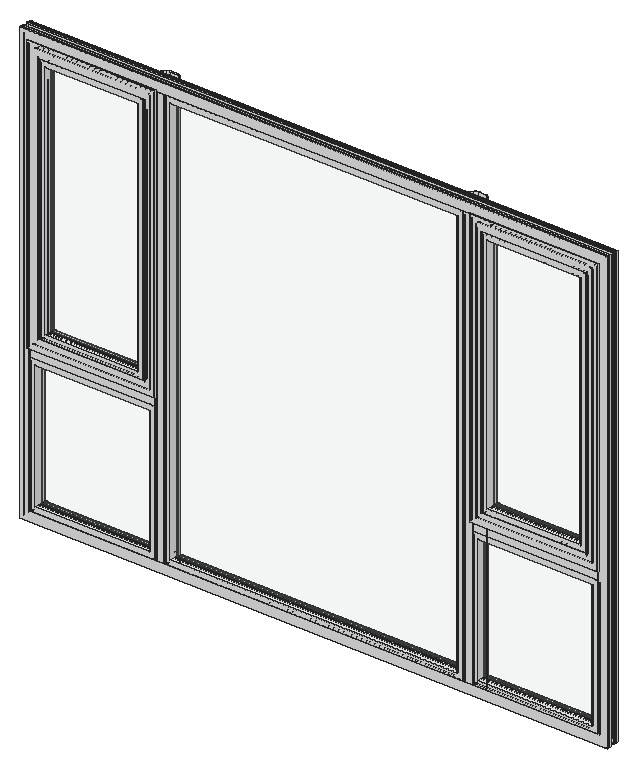
Revit family "Serene_T&T_Window_F_Standard", category Windows, host Wall, Revit 2014 (continued)
Definition of nested family "Serene_Sash_Open_In_72mm_F_Std"
  Definition of nested family "Serene_Double_Glazing_Tilt_&_Turn_F_Std"
    Dimensions and locks
      "Glazing Bead Gap": Extrusion 3 to curve 2  (x3)
      "Half Height": curve 2 to Extrusion 3
      "Glazing Bead Gap": Extrusion 3 to curve 4  (x2)
      "Half Height": curve 4 to Extrusion 3
      "Glazing Bead Gap": curve 4 to Extrusion 3
      "Glazing Bead Gap": Extrusion 3 to curve 3  (x2)
      "Glazing Bead Gap": Extrusion 3 to curve 6
      "Half Width": plane 3 "Center (Left/Right)" to curve 6
      aligned and locked: level to plane 2
      aligned and locked: Extrusion 1 sketch curve to plane 3 "Center (Left/Right)"
      aligned and locked: level to Extrusion 1 sketch curve
      aligned and locked: Extrusion 2 sketch curve to Extrusion 1  (x4)
      aligned and locked: Extrusion 3 sketch curve to Extrusion 2  (x4)
    Automatic sketch dimensions
      Extrusion 2 sketch curve to Extrusion 1 = 8 mm  (x4)
Definition of nested family "Serene_Fixed_Panel_F_Std"
  Parameters (values of type "Serene_Fixed_Panel")
    Single Glazing [instance] = yes
    SG Thickness [instance] = 4 mm
    SG Space Available [instance] = 13 mm  # constant formula
    SG Offset [instance] = (SG Space Available - SG Thickness) / 2  # 4.5 mm
    Profile Material [instance] = none
    Glazing Width [instance] = Fixed Panel Width - (2 * Glazing Edge Spacing)  # 590 mm
    Glazing Material [instance] = Glass
    Glazing Height [instance] = Fixed Panel Height - (2 * Glazing Edge Spacing)  # 890 mm
    Glazing Edge Spacing = 5 mm  # constant formula
    Fixed Panel Width [instance] = 600 mm
    Fixed Panel Height [instance] = 900 mm
    Double Glazing Gasket Material [instance] = none
    Double Glazing [instance] = yes
    DG Thickness [instance] = 4 mm
    DG Space Available [instance] = 24 mm  # constant formula
    DG Offset [instance] = (DG Space Available - (DG Thickness * 2) - DG Gasket Thickness) / 2  # 2 mm
    DG Gasket Thickness [instance] = 12 mm
  Reference planes
    plane 1 "Center (Front/Back)": y = 0
    plane 2: z = 0
    plane 3 "Center (Left/Right)": x = 0
  Dimensions and locks
    "Glazing Edge Spacing": plane 3 "Center (Left/Right)" to nested 3
    "Glazing Edge Spacing": plane 3 "Center (Left/Right)" to nested 4
    "Glazing Edge Spacing": nested 3 to plane 2
    "Glazing Edge Spacing": nested 4 to plane 2
    "SG Offset": nested 3 to nested 1
    "DG Offset": nested 4 to nested 2
    aligned and locked: level to plane 2
    aligned and locked: plane 3 "Center (Left/Right)" to nested 1
    aligned and locked: plane 1 "Center (Front/Back)" to nested 1
    aligned and locked: nested 1 to plane 2
    aligned and locked: plane 3 "Center (Left/Right)" to nested 2
    aligned and locked: plane 1 "Center (Front/Back)" to nested 2
    aligned and locked: nested 2 to plane 2
  Nested families
    nested 1: "Serene_Bead_Square_12mm" at (0, 0, 0), visible <- "Single Glazing", Profile Material <- "Profile Material", Width Bead <- "Fixed Panel Width", Height Bead <- "Fixed Panel Height", type "Serene_Bead_Square_12mm"
      with Width Bead 600 mm, Profile Material none, Height Bead 900 mm
    nested 2: "Serene_Bead_D_Glazing_Square" at (0, 0, 0), visible <- "Double Glazing", Profile Material <- "Profile Material", Width Bead <- "Fixed Panel Width", Height Bead <- "Fixed Panel Height", type "Serene_Bead_D_Glazing_Square"
      with Width Bead 600 mm, Profile Material none, Height Bead 900 mm
    nested 3: "Serene_Single_Glazing_Fixed_F_Std" at (595, 36, 5), visible <- "Single Glazing", Glazing Material <- "Glazing Material", Glazing Width <- "Glazing Width", Glazing Height <- "Glazing Height", Glazing Thickness SG <- "SG Thickness", type "Serene_Single_Glazing_Fixed_F_Std"
      with Glazing Width 590 mm, Glazing Thickness SG 4 mm, Glazing Material Glass, Glazing Height 890 mm
    nested 4: "Serene_Double_Glazing_Fixed_F_Std" at (595, 38.5, 5), visible <- "Double Glazing", Glazing Material <- "Glazing Material", Double Glazing Gasket Material <- "Double Glazing Gasket Material", Glazing Width <- "Glazing Width", Glazing Height <- "Glazing Height", Glazing Thickness DG <- "DG Thickness", Double Glazing Gasket Thickness <- "DG Gasket Thickness", type "Serene_Double_Glazing_Fixed_F_Std"
      with Glazing Width 590 mm, Glazing Thickness DG 4 mm, Glazing Material Glass, Glazing Height 890 mm, Double Glazing Gasket Thickness 12 mm, Double Glazing Gasket Material none
  Definition of nested family "Serene_Bead_Square_12mm"
    Parameters (values of type "Serene_Bead_Square_12mm")
      Profile Material [instance] = none
      Width Bead [instance] = 600 mm
      Height Bead [instance] = 900 mm
    Reference planes
      plane 1 "Center (Front/Back)": y = 0
      plane 2: z = 0
      plane 3 "Center (Left/Right)": x = 0
    Forms (mm)
      Sweep 1, solid, material <- "Profile Material"
        path origin (0, 0, 0) x (1, 0, 0) y (0, 0, 1)
          loop
            line (0, 0) -> (600, 0) -> (600, 900) -> (0, 900) -> (0, 0)
        profile origin (300, 0, 0) x (0, 0, 1) y (0, -1, 0)
          loop
            line (20.8, -26.3) -> (19.6, -26.3) -> (19.6, -27.5) -> (22, -27.5) -> (22, 0) -> (0, 0) -> (0, -1.2) -> (1.2, -1.2) -> (1.2, -4.2) -> (-1.876, -4.2) -> (-1.876, -3.293) -> (-3.909, -4.467)
            arc (-3.909, -4.467) -> (-4.142, -5.029) -> (-3.659, -5.4) r 0.5
            line (-3.659, -5.4) -> (1.4, -5.4)
            arc (1.4, -5.4) -> (2.107, -5.107) -> (2.4, -4.4) r 1
            line (2.4, -4.4) -> (2.4, -1.2) -> (20.8, -1.2) -> (20.8, -16.2) -> (-3.659, -16.2)
            arc (-3.659, -16.2) -> (-4.142, -16.571) -> (-3.909, -17.133) r 0.5
            line (-3.909, -17.133) -> (-1.876, -18.307) -> (-1.876, -17.4) -> (20.8, -17.4) -> (20.8, -23.4) -> (14.6, -23.4) -> (14.6, -27.5) -> (17, -27.5) -> (17, -26.3) -> (15.8, -26.3) -> (15.8, -24.6) -> (20.8, -24.6) -> (20.8, -26.3)
    Lines and regions (mm)
      model lines, style "GenericModel"
        curve 1: line (22, 0, 878) -> (0, 0, 900)
        curve 2: line (578, 0, 878) -> (600, 0, 900)
        curve 3: line (578, 0, 22) -> (600, 0, 0)
        curve 4: line (22, 0, 22) -> (0, 0, 0)
    Dimensions and locks
      "Width Bead": Sweep 1 sketch curve to Sweep 1 sketch curve
      "Height Bead": Sweep 1 sketch curve to Sweep 1 sketch curve
      aligned and locked: level to plane 2
    Automatic sketch dimensions
      profile plane to Sweep 1 sketch curve = 3.909 mm
      Sweep 1 sketch curve to Sweep 1 sketch curve = 0 mm  (x4)
      Sweep 1 sketch curve to Sweep 1 sketch curve = 0.25 mm  (x2)
      Sweep 1 sketch curve to Sweep 1 sketch curve = 1.783 mm  (x2)
      Sweep 1 sketch curve to Sweep 1 sketch curve = 1.876 mm
      Sweep 1 sketch curve to Sweep 1 sketch curve = 3.076 mm
      Sweep 1 sketch curve to Sweep 1 sketch curve = 0.2 mm  (x2)
      Sweep 1 sketch curve to Sweep 1 sketch curve = 1.2 mm  (x9)
      Sweep 1 sketch curve to Sweep 1 sketch curve = 16.476 mm
      Sweep 1 sketch curve to Sweep 1 sketch curve = 2.6 mm
      Sweep 1 sketch curve to plane 1 "Center (Front/Back)" = 27.5 mm
      Sweep 1 sketch curve to Sweep 1 sketch curve = 1.7 mm
      Sweep 1 sketch curve to Sweep 1 sketch curve = 5.093 mm
      Sweep 1 sketch curve to Sweep 1 sketch curve = 6 mm
      Sweep 1 sketch curve to Sweep 1 sketch curve = 0.267 mm
      Sweep 1 sketch curve to Sweep 1 sketch curve = 0.433 mm
      Sweep 1 sketch curve to Sweep 1 sketch curve = 10.8 mm
      Sweep 1 sketch curve to Sweep 1 sketch curve = 0.5 mm
      Sweep 1 sketch curve to Sweep 1 sketch curve = 0.907 mm
      Sweep 1 sketch curve to Sweep 1 sketch curve = 2.093 mm
      Sweep 1 sketch curve to Sweep 1 sketch curve = 15 mm
      curve 1 to Sweep 1 = 0 mm  (x4)
      curve 4 to Sweep 1 = 0 mm  (x3)
      Sweep 1 to curve 4 = 0 mm
      curve 3 to Sweep 1 = 0 mm  (x3)
      curve 2 to Sweep 1 = 0 mm  (x4)
      Sweep 1 to curve 3 = 0 mm
      Sweep 1 sketch curve to plane 3 "Center (Left/Right)" = 0 mm
      Sweep 1 sketch curve to level = 0 mm
  Definition of nested family "Serene_Bead_D_Glazing_Square"
    Parameters (values of type "Serene_Bead_D_Glazing_Square")
      Width Bead [instance] = 900 mm
      Profile Material [instance] = none
      Height Bead [instance] = 1320 mm
    Reference planes
      plane 1 "Center (Front/Back)": y = 0
      plane 2: z = 0
      plane 3 "Center (Left/Right)": x = 0
    Forms (mm)
      Sweep 1, solid, material <- "Profile Material"
        path origin (0, 0, 0) x (1, 0, 0) y (0, 0, 1)
          loop
            line (0, 0) -> (900, 0) -> (900, 1320) -> (0, 1320) -> (0, 0)
        profile origin (450, 0, 0) x (0, 0, 1) y (0, -1, 0)
          loop
            line (22, -16.5) -> (22, 0) -> (0, 0) -> (0, -1.2) -> (1.2, -1.2) -> (1.2, -4.2) -> (-1.876, -4.2) -> (-1.876, -3.293) -> (-3.909, -4.467)
            arc (-3.909, -4.467) -> (-4.142, -5.029) -> (-3.659, -5.4) r 0.5
            line (-3.659, -5.4) -> (1.4, -5.4)
            arc (1.4, -5.4) -> (2.107, -5.107) -> (2.4, -4.4) r 1
            line (2.4, -4.4) -> (2.4, -1.2) -> (20.8, -1.2) -> (20.8, -12.4) -> (14.6, -12.4) -> (0, -16.7) -> (-3.659, -16.7)
            arc (-3.659, -16.7) -> (-4.142, -17.071) -> (-3.909, -17.633) r 0.5
            line (-3.909, -17.633) -> (-1.876, -18.807) -> (-1.876, -17.9) -> (0.173, -17.9) -> (14.6, -13.651) -> (14.6, -16.5) -> (17, -16.5) -> (17, -15.3) -> (15.8, -15.3) -> (15.8, -13.6) -> (20.8, -13.6) -> (20.8, -15.3) -> (19.6, -15.3) -> (19.6, -16.5) -> (22, -16.5)
    Lines and regions (mm)
      model lines, style "GenericModel"
        curve 1: line (22, 0, 1298) -> (0, 0, 1298)
        curve 2: line (878, 0, 1298) -> (900, 0, 1298)
        curve 3: line (878, 0, 22) -> (900, 0, 22)
        curve 4: line (22, 0, 22) -> (0, 0, 22)
    Dimensions and locks
      "Width Bead": Sweep 1 sketch curve to Sweep 1 sketch curve
      "Height Bead": Sweep 1 sketch curve to Sweep 1 sketch curve
      aligned and locked: level to plane 2
    Automatic sketch dimensions
      profile plane to Sweep 1 sketch curve = 3.909 mm  (x2)
      Sweep 1 sketch curve to Sweep 1 sketch curve = 0.25 mm  (x2)
      Sweep 1 sketch curve to Sweep 1 sketch curve = 2.033 mm
      Sweep 1 sketch curve to Sweep 1 sketch curve = 1.783 mm
      Sweep 1 sketch curve to Sweep 1 sketch curve = 1.876 mm  (x2)
      Sweep 1 sketch curve to Sweep 1 sketch curve = 0.173 mm
      Sweep 1 sketch curve to Sweep 1 sketch curve = 1.2 mm  (x9)
      Sweep 1 sketch curve to Sweep 1 sketch curve = 0.2 mm
      Sweep 1 sketch curve to Sweep 1 sketch curve = 12.2 mm
      Sweep 1 sketch curve to Sweep 1 sketch curve = 0 mm  (x4)
      Sweep 1 sketch curve to Sweep 1 sketch curve = 2.6 mm
      Sweep 1 sketch curve to plane 1 "Center (Front/Back)" = 18.807 mm
      Sweep 1 sketch curve to Sweep 1 sketch curve = 0.907 mm  (x2)
      Sweep 1 sketch curve to Sweep 1 sketch curve = 0.267 mm
      Sweep 1 sketch curve to Sweep 1 sketch curve = 0.433 mm
      Sweep 1 sketch curve to plane 1 "Center (Front/Back)" = 16.5 mm
      Sweep 1 sketch curve to Sweep 1 sketch curve = 1.649 mm
      Sweep 1 sketch curve to Sweep 1 sketch curve = 1.7 mm
      Sweep 1 sketch curve to Sweep 1 sketch curve = 1.251 mm
      Sweep 1 sketch curve to Sweep 1 sketch curve = 11.3 mm
      Sweep 1 sketch curve to Sweep 1 sketch curve = 0.5 mm
      Sweep 1 sketch curve to Sweep 1 sketch curve = 0.7 mm
      Sweep 1 sketch curve to Sweep 1 sketch curve = 3 mm
      curve 1 to Sweep 1 = 0 mm  (x3)
      curve 4 to Sweep 1 = 0 mm  (x2)
      Sweep 1 to curve 4 = 0 mm
      curve 3 to Sweep 1 = 0 mm  (x2)
      curve 2 to Sweep 1 = 0 mm  (x2)
      Sweep 1 to curve 3 = 0 mm
      Sweep 1 to curve 2 = 0 mm
      Sweep 1 sketch curve to plane 3 "Center (Left/Right)" = 0 mm
      Sweep 1 sketch curve to level = 0 mm
  Definition of nested family "Serene_Single_Glazing_Fixed_F_Std"
    Parameters (values of type "Single_Glazing_Fixed")
      Glazing Width [instance] = 900 mm
      Glazing Height [instance] = 1500 mm
      Glazing Thickness SG [instance] = 4 mm
      Glazing Material [instance] = Glass
    Reference planes
      plane 1 "Center (Front/Back)": y = 0
      plane 2: z = 0
      plane 3 "Center (Left/Right)": x = 0
    Forms (mm)
      Extrusion 1, solid, material "Glass" <- "Glazing Material"
        sketch origin (0, 0, 0) x (1, 0, 0) y (0, 0, 1)
          loop
            line (0, 0) -> (0, 1500) -> (-900, 1500) -> (-900, 0) -> (0, 0)
        from 0 to 4 <- "Glazing Thickness SG"
    Dimensions and locks
      "Glazing Width": plane 3 "Center (Left/Right)" to Extrusion 1 sketch curve
      "Glazing Height": Extrusion 1 sketch curve to level
      aligned and locked: level to plane 2
      aligned and locked: Extrusion 1 sketch curve to plane 3 "Center (Left/Right)"
      aligned and locked: level to Extrusion 1 sketch curve
  Definition of nested family "Serene_Double_Glazing_Fixed_F_Std"
    Parameters (values of type "Double_Glazing_Fixed")
      Glazing Width [instance] = 600 mm
      Glazing Height [instance] = 600 mm
      Glazing Thickness DG [instance] = 4 mm
      Glazing Material [instance] = Glass
      Double Glazing Gasket Thickness [instance] = 12 mm
      Double Glazing Gasket Material [instance] = none
    Reference planes
      plane 1 "Center (Front/Back)": y = 0
      plane 2: z = 0
      plane 3 "Center (Left/Right)": x = 0
    Forms (mm)
      Extrusion 1, solid, material "Glass" <- "Glazing Material"
        sketch origin (0, 0, 0) x (1, 0, 0) y (0, 0, 1)
          loop
            line (0, 0) -> (0, 600) -> (-600, 600) -> (-600, 0) -> (0, 0)
        from 0 to 4 <- "Glazing Thickness DG"
      Extrusion 2, solid, material <- "Double Glazing Gasket Material"
        sketch origin (0, -4, 0) x (1, 0, 0) y (0, 0, 1)
          loop
            line (-600, 600) -> (-600, 0) -> (0, 0) -> (0, 600) -> (-600, 600)
          loop
            line (-592, 8) -> (-8, 8) -> (-8, 592) -> (-592, 592) -> (-592, 8)
        from 0 to 12 <- "Double Glazing Gasket Thickness"
      Extrusion 3, solid, material "Glass" <- "Glazing Material"
        sketch origin (0, -16, 0) x (1, 0, 0) y (0, 0, 1)
          loop
            line (-600, 600) -> (-600, 0) -> (0, 0) -> (0, 600) -> (-600, 600)
        from 0 to 4 <- "Glazing Thickness DG"
    Dimensions and locks
      "Glazing Width": plane 3 "Center (Left/Right)" to Extrusion 1 sketch curve
      "Glazing Height": Extrusion 1 sketch curve to level
      aligned and locked: level to plane 2
      aligned and locked: Extrusion 1 sketch curve to plane 3 "Center (Left/Right)"
      aligned and locked: level to Extrusion 1 sketch curve
      aligned and locked: Extrusion 2 sketch curve to Extrusion 1  (x4)
      aligned and locked: Extrusion 3 sketch curve to Extrusion 2  (x4)
    Automatic sketch dimensions
      Extrusion 2 sketch curve to Extrusion 1 = 8 mm  (x4)
Definition of nested family "Serene_Single_Glazing_Tilt_&_Turn_F_Std"
  Parameters (values of type "Single_Glazing_Tilt_&_Turn")
    Tilt [instance] = yes
    Right Hinged [instance] = yes
    Left Hinged [instance] = yes
    Half Width [instance] = Glazing Width / 2  # 450 mm
    Half Height [instance] = Glazing Height / 2  # 750 mm
    Glazing Width [instance] = 900 mm
    Glazing Height [instance] = 1500 mm
    Glazing Thickness SG [instance] = 4 mm
    Glazing Material [instance] = Glass
    Glazing Bead Gap = 21.8 mm  # constant formula
  Reference planes
    plane 1 "Center (Front/Back)": y = 0
    plane 2: z = 0
    plane 3 "Center (Left/Right)": x = 0
  Forms (mm)
    Extrusion 1, solid, material "Glass" <- "Glazing Material"
      sketch origin (0, 0, 0) x (1, 0, 0) y (0, 0, 1)
        loop
          line (0, 0) -> (0, 1500) -> (-900, 1500) -> (-900, 0) -> (0, 0)
      from 0 to 4 <- "Glazing Thickness SG"
  Lines and regions (mm)
    model lines, style "GenericModelHiddenLines", visible <- "Left Hinged"
      curve 1: line (-878.2, 0, 1478.2) -> (-21.8, 0, 750)
      curve 2: line (-21.8, 0, 750) -> (-878.2, 0, 21.8)
    model lines, style "GenericModelHiddenLines", visible <- "Right Hinged"
      curve 3: line (-21.8, 0, 1478.2) -> (-878.2, 0, 750)
      curve 4: line (-878.2, 0, 750) -> (-21.8, 0, 21.8)
    model lines, style "GenericModelHiddenLines", visible <- "Tilt"
      curve 5: line (-878.2, 0, 21.8) -> (-450, 0, 1478.2)
      curve 6: line (-450, 0, 1478.2) -> (-21.8, 0, 21.8)
  Dimensions and locks
    "Glazing Width": plane 3 "Center (Left/Right)" to Extrusion 1 sketch curve
    "Glazing Height": Extrusion 1 sketch curve to level
    "Glazing Bead Gap": curve 2 to Extrusion 1
    "Glazing Bead Gap": Extrusion 1 to curve 2  (x2)
    "Glazing Bead Gap": Extrusion 1 to curve 4  (x2)
    "Glazing Bead Gap": curve 4 to Extrusion 1
    "Glazing Bead Gap": Extrusion 1 to curve 3  (x2)
    "Glazing Bead Gap": Extrusion 1 to curve 1  (x2)
    "Half Height": curve 4 to Extrusion 1
    "Half Height": curve 2 to Extrusion 1
    "Glazing Bead Gap": Extrusion 1 to curve 6
    "Half Width": plane 3 "Center (Left/Right)" to curve 6
    aligned and locked: level to plane 2
    aligned and locked: Extrusion 1 sketch curve to plane 3 "Center (Left/Right)"
    aligned and locked: level to Extrusion 1 sketch curve
Definition of nested family "Serene_Single_Glazing_Fixed_F_Std"
  Parameters (values of type "Single_Glazing_Fixed")
    Glazing Width [instance] = 900 mm
    Glazing Height [instance] = 1500 mm
    Glazing Thickness SG [instance] = 4 mm
    Glazing Material [instance] = Glass
  Reference planes
    plane 1 "Center (Front/Back)": y = 0
    plane 2: z = 0
    plane 3 "Center (Left/Right)": x = 0
  Forms (mm)
    Extrusion 1, solid, material "Glass" <- "Glazing Material"
      sketch origin (0, 0, 0) x (1, 0, 0) y (0, 0, 1)
        loop
          line (0, 0) -> (0, 1500) -> (-900, 1500) -> (-900, 0) -> (0, 0)
      from 0 to 4 <- "Glazing Thickness SG"
  Dimensions and locks
    "Glazing Width": plane 3 "Center (Left/Right)" to Extrusion 1 sketch curve
    "Glazing Height": Extrusion 1 sketch curve to level
    aligned and locked: level to plane 2
    aligned and locked: Extrusion 1 sketch curve to plane 3 "Center (Left/Right)"
    aligned and locked: level to Extrusion 1 sketch curve
Definition of nested family "Serene_Transom_44mm_Flat_F_Std"
  Parameters (values of type "Serene_Transom_44mm_Flat")
    Profile Material [instance] = none
    Length Transom [instance] = 250 mm
    Length Cut = 22 mm  # constant formula
  Reference planes
    plane 1 "Center (Front/Back)": y = 0
    plane 2: z = 0
    plane 3 "Center (Left/Right)": x = 0
  Forms (mm)
    Extrusion 1, solid, material <- "Profile Material"
      sketch origin (0, 0, 0) x (0, 1, 0) y (0, 0, 1)
        loop
          line (15.982, 319.501) -> (57.682, 319.501) -> (57.682, 346.701) -> (15.982, 346.701) -> (15.982, 319.501)
        loop
          line (59.182, 375.101) -> (54.979, 375.101) -> (54.979, 372.601) -> (56.179, 372.601) -> (56.179, 373.801) -> (57.683, 373.801) -> (57.683, 368.601) -> (56.179, 368.601) -> (56.179, 369.801) -> (54.979, 369.801) -> (54.979, 367.301) -> (57.682, 367.301) -> (57.682, 348.101) -> (50.38, 348.101) -> (50.38, 353.101) -> (47.436, 353.101) -> (46.269, 351.601) -> (49.08, 351.601) -> (49.08, 348.101) -> (35.58, 348.101) -> (35.58, 351.601) -> (40.89, 351.601) -> (39.724, 353.101) -> (33.287, 353.101) -> (32.297, 351.101) -> (33.98, 351.101) -> (33.98, 348.101) -> (15.98, 348.101) -> (15.98, 351.101) -> (18.662, 351.101) -> (17.673, 353.101) -> (14.48, 353.101) -> (14.48, 313.1) -> (17.673, 313.1) -> (18.662, 315.1) -> (15.98, 315.1) -> (15.98, 318.1) -> (33.98, 318.1) -> (33.98, 315.1) -> (32.297, 315.1) -> (33.287, 313.1) -> (39.724, 313.1) -> (40.89, 314.6) -> (35.58, 314.6) -> (35.58, 318.1) -> (49.08, 318.1) -> (49.08, 314.6) -> (46.269, 314.6) -> (47.436, 313.1) -> (50.38, 313.1) -> (50.38, 318.1) -> (57.682, 318.1) -> (57.682, 298.901) -> (54.979, 298.901) -> (54.979, 296.401) -> (56.179, 296.401) -> (56.179, 297.601) -> (57.683, 297.601) -> (57.683, 292.401) -> (56.179, 292.401) -> (56.179, 293.601) -> (54.979, 293.601) -> (54.979, 291.101) -> (59.182, 291.101) -> (59.182, 375.101)
      from 0 to 250 <- "Length Transom"
    Extrusion 2, void
      sketch origin (250, 0, 0) x (0, -1, 0) y (0, 0, 1)
        loop
          line (-54.979, 375.101) -> (-59.182, 375.101) -> (-59.182, 291.101) -> (-54.979, 291.101) -> (-54.979, 375.101)
      from 0 to 22 <- "Length Cut"
    Extrusion 3, void
      sketch origin (0, 0, 0) x (0, 1, 0) y (0, 0, 1)
        loop
          line (59.182, 375.101) -> (54.979, 375.101) -> (54.979, 291.101) -> (59.182, 291.101) -> (59.182, 375.101)
      from 0 to 22 <- "Length Cut"
  Cuts and joins
    Extrusion 2, Extrusion 3 cuts Extrusion 1
  Dimensions and locks
    aligned and locked: level to plane 2
Definition of nested family "Serene_Mullion_73mm_Decorative_F_Std"
  Parameters (values of type "Serene_Mullion_73mm_Decorative")
    Profile Material [instance] = none
    Length Mullion [instance] = 250 mm
    Length Cut Small = 40 mm  # constant formula
    Length Cut Large = 62 mm  # constant formula
  Reference planes
    plane 1 "Center (Front/Back)": y = 0
    plane 2: z = 0
    plane 3 "Center (Left/Right)": x = 0
  Forms (mm)
    Extrusion 1, solid, material <- "Profile Material"
      sketch origin (0, 0, 0) x (1, 0, 0) y (0, 1, 0)
        loop
          line (77.052, 29.065) -> (77.052, 60.144)
          arc (77.052, 60.144) -> (74.468, 68.56) -> (67.608, 74.077) r 15
          arc (67.608, 74.077) -> (64.642, 75.915) -> (62.488, 78.661) r 10
          arc (62.488, 78.661) -> (56.97, 84.466) -> (49.252, 86.604) r 15
          line (49.252, 86.604) -> (44.549, 86.604) -> (44.549, 84.104) -> (45.749, 84.104) -> (45.749, 85.304) -> (47.253, 85.304) -> (47.253, 80.104) -> (45.749, 80.104) -> (45.749, 81.304) -> (44.549, 81.304) -> (44.549, 78.804) -> (47.252, 78.804) -> (47.252, 59.604) -> (39.95, 59.604) -> (39.95, 64.604) -> (37.006, 64.604) -> (35.839, 63.104) -> (38.65, 63.104) -> (38.65, 59.604) -> (25.15, 59.604) -> (25.15, 63.104) -> (30.46, 63.104) -> (29.294, 64.604) -> (22.857, 64.604) -> (21.867, 62.604) -> (23.55, 62.604) -> (23.55, 59.604) -> (5.55, 59.604) -> (5.55, 62.604) -> (8.232, 62.604) -> (7.243, 64.604) -> (4.05, 64.604) -> (4.05, 24.603) -> (7.243, 24.603) -> (8.232, 26.603) -> (5.55, 26.603) -> (5.55, 29.603) -> (23.55, 29.603) -> (23.55, 26.603) -> (21.867, 26.603) -> (22.857, 24.603) -> (29.294, 24.603) -> (30.46, 26.103) -> (25.15, 26.103) -> (25.15, 29.603) -> (38.65, 29.603) -> (38.65, 26.103) -> (35.839, 26.103) -> (37.006, 24.603) -> (39.95, 24.603) -> (39.95, 29.603) -> (47.252, 29.603) -> (47.252, 10.404) -> (44.549, 10.404) -> (44.549, 7.904) -> (45.749, 7.904) -> (45.749, 9.104) -> (47.253, 9.104) -> (47.253, 3.904) -> (45.749, 3.904) -> (45.749, 5.104) -> (44.549, 5.104) -> (44.549, 2.604) -> (49.252, 2.604)
          arc (49.252, 2.604) -> (56.97, 4.743) -> (62.488, 10.548) r 15
          arc (62.488, 10.548) -> (64.642, 13.293) -> (67.608, 15.132) r 10
          arc (67.608, 15.132) -> (74.468, 20.649) -> (77.052, 29.065) r 15
        loop
          line (75.652, 29.065) -> (75.652, 60.144)
          arc (75.652, 60.144) -> (73.31, 67.774) -> (67.09, 72.777) r 13.6
          arc (67.09, 72.777) -> (63.708, 74.872) -> (61.253, 78.002) r 11.4
          arc (61.253, 78.002) -> (56.034, 83.392) -> (48.752, 85.195) r 13.6
          line (48.752, 85.195) -> (48.752, 4.014)
          arc (48.752, 4.014) -> (56.034, 5.816) -> (61.253, 11.206) r 13.6
          arc (61.253, 11.206) -> (63.708, 14.336) -> (67.09, 16.432) r 11.4
          arc (67.09, 16.432) -> (73.31, 21.434) -> (75.652, 29.065) r 13.6
        loop
          line (5.552, 31.004) -> (47.252, 31.004) -> (47.252, 58.204) -> (5.552, 58.204) -> (5.552, 31.004)
      from 0 to 250 <- "Length Mullion"
    Extrusion 2, void
      sketch origin (0, 0, 250) x (0, 1, 0) y (1, 0, 0)
        loop
          line (2.604, 44.549) -> (86.604, 44.549) -> (86.604, 56.052) -> (2.604, 56.052) -> (2.604, 44.549)
      from 0 to 62 <- "Length Cut Large"
    Extrusion 3, void
      sketch origin (0, 0, 250) x (0, 1, 0) y (1, 0, 0)
        loop
          line (64.604, 4.05) -> (64.604, 44.549) -> (24.603, 44.549) -> (24.603, 4.05) -> (64.604, 4.05)
      from 0 to 40 <- "Length Cut Small"
    Extrusion 4, void
      sketch origin (0, 0, 0) x (1, 0, 0) y (0, 1, 0)
        loop
          line (44.549, 86.604) -> (44.549, 2.604) -> (56.052, 2.604) -> (56.052, 86.604) -> (44.549, 86.604)
      from 0 to 62 <- "Length Cut Large"
    Extrusion 5, void
      sketch origin (0, 0, 0) x (1, 0, 0) y (0, 1, 0)
        loop
          line (44.549, 24.603) -> (44.549, 64.604) -> (4.05, 64.604) -> (4.05, 24.603) -> (44.549, 24.603)
      from 0 to 40 <- "Length Cut Small"
  Cuts and joins
    Extrusion 2, Extrusion 3, Extrusion 4, Extrusion 5 cuts Extrusion 1
  Dimensions and locks
    aligned and locked: level to plane 2
Types (12, lengths in mm): name | Windload Design | Width | Standard Mullion | Overall Width | Overall Height | Max Pane Area | Length Decorative Mullion | Intruderprufe U Value | Intruderprufe SHGC Value | Intruderprufe LowE U Value | Intruderprufe LowE SHGC Value | Height | Heavy Duty Mullion | Fixed Panel Middle Width | Fixed Panel Middle Height | Fixed Panel Bottom Height | Energy Advantage U Value | Energy Advantage SHGC Value | Custom Window Width | Custom Window Height | Custom Windload | SG Thickness | Length Mullion | Clearvue U Value | Clearvue SHGC Value | Clearvue Insulated U Value | Clearvue Insulated SHGC Value | Clearvue Insulated LowE U Value | Clearvue Insulated LowE SHGC Value | Area Glazing Fixed Panel Middle | Area Glazing Fixed Panel Bottom
  52TT-1815SS-1000Pa | 1000 | 1790 | yes | 1790 | 1490 | 0.84112 m² | 1490 | 6.09 | 0.509 | 4.53 | 0.451 | 1490 | no | 610.8 | 1410 | 260.4 | 5.33 | 0.493 | 1790 | 1490 | 1000 | 4 | 1410 | 6.2 | 0.549 | 4.24 | 0.484 | 3.78 | 0.441 | 0.84112 m² | 0.1251 m²
  52TT-1815SS-1500Pa | 1500 | 1790 | no | 1790 | 1490 | 0.84112 m² | 1490 | 6.09 | 0.509 | 4.53 | 0.451 | 1490 | yes | 610.8 | 1410 | 260.4 | 5.33 | 0.493 | 1790 | 1490 | 1500 | 4 | 1410 | 6.2 | 0.549 | 4.24 | 0.484 | 3.78 | 0.441 | 0.84112 m² | 0.1251 m²
  52TT-1815SS-2000Pa | 2000 | 1790 | no | 1790 | 1490 | 0.84112 m² | 1490 | 6.09 | 0.509 | 4.53 | 0.451 | 1490 | yes | 610.8 | 1410 | 260.4 | 5.33 | 0.493 | 1790 | 1490 | 2000 | 4 | 1410 | 6.2 | 0.549 | 4.24 | 0.484 | 3.78 | 0.441 | 0.84112 m² | 0.1251 m²
  52TT-2415SS-1000Pa | 1000 | 2390 | yes | 1790 | 1490 | 1.68112 m² | 1490 | 6 | 0.561 | 4.46 | 0.497 | 1490 | no | 1210.8 | 1410 | 260.4 | 7.9 | 0 | 2390 | 1490 | 1000 | 5 | 1410 | 7.9 | 0 | 3.95 | 0.535 | 3.42 | 0.487 | 1.68112 m² | 0.1251 m²
  52TT-2415SS-1500Pa | 1500 | 2390 | no | 1790 | 1490 | 1.68112 m² | 1490 | 6 | 0.561 | 4.46 | 0.497 | 1490 | yes | 1210.8 | 1410 | 260.4 | 7.9 | 0 | 2390 | 1490 | 1500 | 5 | 1410 | 7.9 | 0 | 3.95 | 0.535 | 3.42 | 0.487 | 1.68112 m² | 0.1251 m²
  52TT-2415SS-2000Pa | 2000 | 2390 | no | 1790 | 1490 | 1.68112 m² | 1490 | 6 | 0.561 | 4.46 | 0.497 | 1490 | yes | 1210.8 | 1410 | 260.4 | 7.9 | 0 | 2390 | 1490 | 2000 | 5 | 1410 | 7.9 | 0 | 3.95 | 0.535 | 3.42 | 0.487 | 1.68112 m² | 0.1251 m²
  52TT-1818SS-1000Pa | 1000 | 1790 | no | 1790 | 1490 | 1.02136 m² | 1790 | 6.05 | 0.53 | 4.5 | 0.47 | 1790 | yes | 610.8 | 1710 | 560.4 | 5.23 | 0.514 | 1790 | 1790 | 1000 | 4 | 1710 | 6.16 | 0.573 | 4.12 | 0.504 | 3.64 | 0.459 | 1.02136 m² | 0.27498 m²
  52TT-1818SS-1500Pa | 1500 | 1790 | no | 1790 | 1490 | 1.02136 m² | 1790 | 6.05 | 0.53 | 4.5 | 0.47 | 1790 | yes | 610.8 | 1710 | 560.4 | 5.23 | 0.514 | 1790 | 1790 | 1500 | 4 | 1710 | 6.16 | 0.573 | 4.12 | 0.504 | 3.64 | 0.459 | 1.02136 m² | 0.27498 m²
  52TT-1818SS-2000Pa | 2000 | 1790 | no | 1790 | 1490 | 1.02136 m² | 1790 | 6.05 | 0.53 | 4.5 | 0.47 | 1790 | yes | 610.8 | 1710 | 560.4 | 5.23 | 0.514 | 1790 | 1790 | 2000 | 4 | 1710 | 6.16 | 0.573 | 4.12 | 0.504 | 3.64 | 0.459 | 1.02136 m² | 0.27498 m²
  52TT-2418SS-1000Pa | 1000 | 2390 | no | 1790 | 1490 | 2.04136 m² | 1790 | 5.96 | 0.58 | 4.43 | 0.514 | 1790 | yes | 1210.8 | 1710 | 560.4 | 7.9 | 0 | 2390 | 1790 | 1000 | 5 | 1710 | 7.9 | 0 | 3.84 | 0.552 | 3.29 | 0.503 | 2.04136 m² | 0.27498 m²
  52TT-2418SS-1500Pa | 1500 | 2390 | no | 1790 | 1490 | 2.04136 m² | 1790 | 5.96 | 0.58 | 4.43 | 0.514 | 1790 | yes | 1210.8 | 1710 | 560.4 | 7.9 | 0 | 2390 | 1790 | 1500 | 5 | 1710 | 7.9 | 0 | 3.84 | 0.552 | 3.29 | 0.503 | 2.04136 m² | 0.27498 m²
  52TT-2418SS-2000Pa | 2000 | 2390 | no | 2390 | 1790 | 2.04136 m² | 1790 | 5.96 | 0.58 | 4.43 | 0.514 | 1790 | yes | 1210.8 | 1710 | 560.4 | 7.9 | 0 | 2390 | 1790 | 2000 | 5 | 1710 | 7.9 | 0 | 3.84 | 0.552 | 3.29 | 0.503 | 2.04136 m² | 0.27498 m²
